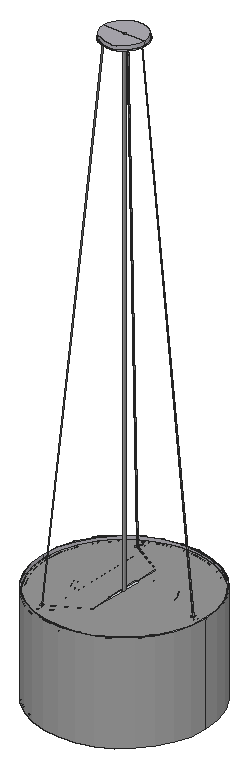
Revit family "Lighting - Lumetta - Pendant - P52314L2A", category Lighting Fixtures, host Ceiling, Revit 2015
Parameters
  Wattage = 11.1351 W
  built-in parameter 1150110 = 1 (stored number, unit not read)
  URL = "https://lumetta.com/luminaires/drum-l2-23-inch-acoustic-pendant-light/"
  Type Comments = "Drum L2 23'' Pendant"  # constant formula
  built-in parameter 1114217 = 1 (stored number, unit not read)
  Top Lens-Material [instance] = Acrylic - 2447 - White
  Top Lens [instance] = yes
  built-in parameter 1150109 = 1 (stored number, unit not read)
  built-in parameter 1150134 = (empty or 0)
  Suspension [instance] = 1
  built-in parameter 1150113 = 1 (stored number, unit not read)
  Stem Hung-ALL Lamping [instance] = Suspension = 2  # no
  Model URL [instance] = "https://lumetta.com/luminaires/drum-l2-23-inch-acoustic-pendant-light/"
  Light Source Symbol Size = 0' - 1"
  Diffuser Material-Inner [instance] = Shade - Lumetta - D702-AC-Kiwi
  Coupling-Stems Over 60 inches [instance] = and([Stem Hung-ALL Lamping], Fixture Drop > 5' 0")  # no
  Model = "P52314L2A"  # constant formula
  Manufacturer = "Lumetta, Inc."  # constant formula
  Lumens = 1236 lm
  built-in parameter 1150115 = 1 (stored number, unit not read)
  built-in parameter 1150105 = 98.358 (stored number, unit not read)
  built-in parameter 1150137 = (empty or 0)
  built-in parameter 1150139 = (empty or 0)
  built-in parameter 1150112 = 1 (stored number, unit not read)
  built-in parameter 1150114 = 1 (stored number, unit not read)
  built-in parameter 1150132 = 2
  built-in parameter 1150102 = (empty or 0)
  built-in parameter 1150138 = (empty or 0)
  built-in parameter 1150107 = 3000 (stored number, unit not read)
  built-in parameter 1150106 = 0.98358 (stored number, unit not read)
  Frame Finish [instance] = Paint - Lumetta - F02 - PC_Chrome
  Fixture Drop [instance] = 5' - 10"
  built-in parameter 1150104 = 10.312 (stored number, unit not read)
  Dimming Lamp Color Temperature Shift = (empty or 0)
  Diffuser Material-Outer [instance] = Shade - Lumetta - D50 - MM Chartreuse
  Description = "Drum Acoustic L2 23'' Pendant"  # constant formula
  Cord [instance] = Suspension = 1  # yes
  3 Cables [instance] = Suspension = 1  # yes
  1CRD-3CBL-ALL Lamping [instance] = Suspension = 1  # yes
  Cord Color [instance] = Cord, Black
  Color Filter = 16777215
  built-in parameter 1114218 = 1 (stored number, unit not read)
  built-in parameter 1150133 = 10 (stored number, unit not read)
Reference planes (in)
  plane 1 "Light Source Axis (F/B)": y = 0
  plane 2 "Ceiling": z = 96
  plane 3 "Light Source Axis (L/R)": x = 0
  plane 4 "Light Source Elevation": z = 23.5
  plane 5 "Fixture-Top": z = 26
  plane 6 "Fixture-Radius": x = 11.5
  plane 7 "Fixture-Height": z = 12
  plane 8: through (0, 0, 0) normal (-0.5, -0.866, 0)
  plane 9: y = 0
  plane 10: through (0, 0, 0) normal (0.5, -0.866, 0)
  plane 11 "Plane-120": through (-5.75, 9.95929, 0) normal (0.5, -0.866, 0)
  plane 12 "Plane-240": through (-68.10383, 26.04071, 0) normal (0.5, 0.866, 0)
  plane 13: through (0, 0, 0) normal (-0.866, -0.5, 0)
  plane 14: through (0, 0, 0) normal (0.866, -0.5, 0)
Forms (in)
  Revolve 1, solid, material "Paint - Lumetta - F02 - PC_Chrome" <- "Frame Finish", visible <- "1CRD-3CBL-ALL Lamping"
    sketch origin (0, 0, 0) x (1, 0, 0) y (0, 0, 1)
      loop
        line (0, 96) -> (0, 95.4375) -> (3, 95.4375) -> (3, 95.5) -> (2.87509, 95.5) -> (2.87509, 96) -> (0, 96)
      axis (0, 96) -> (0, 95.4375)
    angle from 0 to 360
  Extrusion 2, void
    sketch origin (0, 0, 95.4375) x (0, -1, 0) y (1, 0, 0)
      loop
        circle (0, 0) r 0.25
      loop
        circle (0, 2.5) r 0.06274
      loop
        circle (-2.16506, -1.25) r 0.06274
      loop
        circle (2.16506, -1.25) r 0.06274
    from 0 to 0.06358
  Revolve 3, solid, material "Paint - Lumetta - F02 - PC_Chrome" <- "Frame Finish"
    sketch origin (0, 0, 0) x (1, 0, 0) y (0, 0, 1)
      loop
        line (11.5, 26) -> (11.43781, 26) -> (11.43781, 25.56373) -> (11.00031, 25.56373) -> (11.00031, 25.50123) -> (11.5, 25.50123) -> (11.5, 26)
      loop
        line (11.5, 12.50004) -> (11.43781, 12.50004) -> (11.43781, 12.06378) -> (11.00031, 12.06378) -> (11.00031, 12) -> (11.5, 12) -> (11.5, 12.50004)
      axis (0, 26) -> (0, 12)
    angle from 0 to 360
  Revolve 4, solid, material "Shade - Lumetta - D50 - MM Chartreuse" <- "Diffuser Material-Outer"
    sketch origin (0, 0, 0) x (1, 0, 0) y (0, 0, 1)
      loop
        line (11.5, 26) -> (11.5, 12) -> (11.53125, 12) -> (11.53125, 26) -> (11.5, 26)
      axis (0, 26) -> (0, 12)
    angle from 0 to 360
  Extrusion 5, solid, material "Paint - Lumetta - F02 - PC_Chrome" <- "Frame Finish", visible <- "Stem Hung-ALL Lamping"
    sketch origin (0, 0, 26) x (0, -1, 0) y (-1, 0, 0)
      loop
        circle (0, 0) r 0.25
    from 0.56254 to -70
  Revolve 6, solid, material "Paint - Lumetta - F02 - PC_Chrome" <- "Frame Finish", visible <- "Coupling-Stems Over 60 inches"
    sketch origin (0, 0, 0) x (1, 0, 0) y (0, 0, 1)
      loop
        line (0, 86.53023) -> (0, 86) -> (0.26233, 86)
        arc (0.26233, 86) -> (0.31307, 86.05074) -> (0.26233, 86.10149) r 0.05074
        arc (0.26233, 86.10149) -> (0.29304, 86.26499) -> (0.26243, 86.42851) r 0.45126
        arc (0.26243, 86.42851) -> (0.31329, 86.47937) -> (0.26243, 86.53023) r 0.05086
        line (0.26243, 86.53023) -> (0, 86.53023)
      axis (0, 86.53023) -> (0, 86)
    angle from 0 to 360
  Revolve 7, solid, material "Paint - Lumetta - F02 - PC_Chrome" <- "Frame Finish", visible <- "Stem Hung-ALL Lamping"
    sketch origin (0, 0, 0) x (1, 0, 0) y (0, 0, 1)
      loop
        line (0, 96) -> (0, 93.40625) -> (0.34988, 93.40625)
        arc (0.34988, 93.40625) -> (0.49124, 93.54417) -> (0.58115, 93.72) r 0.61026
        line (0.58115, 93.72) -> (3, 93.72) -> (3, 93.78) -> (2.875, 93.78) -> (2.875, 96) -> (0, 96)
      axis (0, 96) -> (0, 93.40625)
    angle from 0 to 360
  Extrusion 8, solid, material "Cord, Black" <- "Cord Color", visible <- "1CRD-3CBL-ALL Lamping"
    sketch origin (0, 0, 26) x (0, -1, 0) y (1, 0, 0)
      loop
        circle (0, 0) r 0.15674
    from -0.56254 to 70
  Extrusion 9, solid
    sketch origin (0, 0, 26) x (0, -1, 0) y (1, 0, 0)
      loop
        line (-0.5, 10.98559) -> (-0.5, 10.25) -> (0.5, 10.25) -> (0.5, 10.98559)
        arc (0.5, 10.98559) -> (0, 10.99696) -> (-0.5, 10.98559) r 10.99696
      loop
        circle (0, 10.5) r 0.11051
      loop
        arc (-9.7667, -5.06146) -> (-9.52654, -5.50015) -> (-9.2667, -5.92748) r 11.00031
        line (-9.2667, -5.92748) -> (-8.62676, -5.55801) -> (-9.12676, -4.69199) -> (-9.7667, -5.06146)
      loop
        circle (-9.09327, -5.25) r 0.10826
      loop
        arc (9.2638, -5.92581) -> (9.52365, -5.49848) -> (9.7638, -5.05978) r 10.99696
        line (9.7638, -5.05978) -> (9.12676, -4.69199) -> (8.62676, -5.55801) -> (9.2638, -5.92581)
      loop
        circle (9.09327, -5.25) r 0.10826
    from -0.43627 to -0.49877
  Extrusion 10, solid
    sketch origin (0, 0, 26) x (0, -1, 0) y (1, 0, 0)
      loop
        circle (0, 10.5) r 0.11051
      loop
        line (-0.76833, 10.73292) -> (-0.76833, 9.96921) -> (-9.05442, -4.38271) -> (-9.66082, -4.73282) -> (-8.91082, -6.03185) -> (-8.24943, -5.65) -> (8.32275, -5.65) -> (8.92915, -6.0001) -> (9.67915, -4.70107) -> (9.01776, -4.31921) -> (0.73167, 10.03271) -> (0.73167, 10.73292) -> (-0.76833, 10.73292)
      loop
        circle (0, 9.75) r 0.15796
      loop
        circle (-9.09327, -5.25) r 0.11051
      loop
        circle (-8.44375, -4.875) r 0.15796
      loop
        circle (9.09327, -5.25) r 0.11051
      loop
        circle (8.44375, -4.875) r 0.15796
      loop
        arc (6.48437, -3.9625) -> (6.67381, -3.85313) -> (6.67381, -3.63438) r 0.21875
        line (6.67381, -3.63438) -> (0.18944, 7.59687)
        arc (0.18944, 7.59687) -> (0, 7.70625) -> (-0.18944, 7.59687) r 0.21875
        line (-0.18944, 7.59687) -> (-6.67381, -3.63438)
        arc (-6.67381, -3.63438) -> (-6.67381, -3.85313) -> (-6.48437, -3.9625) r 0.21875
        line (-6.48437, -3.9625) -> (6.48437, -3.9625)
    from -0.5625 to -0.49877
  Sweep 11, solid, material "Steel, Galvanized", visible <- "1CRD-3CBL-ALL Lamping"
    path origin (0, 0, 0) x (1, 0, 0) y (0, 0, 1)
      loop
        line (2.5, 95.50108) -> (9.75, 25.50123)
    profile origin (6.125, 0, 60.50116) x (0.994679, 0, 0.103021) y (0, -1, 0)
      loop
        circle (0, 0) r 0.03083
  Sweep 12, solid, material "Steel, Galvanized", visible <- "1CRD-3CBL-ALL Lamping"
    path origin (0, 0, 0) x (-0.5, 0.866025, 0) y (0, 0, 1)
      loop
        line (2.5, 95.50108) -> (9.75, 25.50123)
    profile origin (-3.0625, 5.30441, 60.50116) x (-0.49734, 0.861417, 0.103021) y (0.866025, 0.5, 0)
      loop
        circle (0, 0) r 0.03083
  Sweep 13, solid, material "Steel, Galvanized", visible <- "1CRD-3CBL-ALL Lamping"
    path origin (0, 0, 0) x (-0.5, -0.866025, 0) y (0, 0, 1)
      loop
        line (2.5, 95.50108) -> (9.75, 25.50123)
    profile origin (-3.0625, -5.30441, 60.50116) x (-0.49734, -0.861417, 0.103021) y (-0.866025, 0.5, 0)
      loop
        circle (0, 0) r 0.03083
  Extrusion 14, solid
    sketch origin (0, 0, 26) x (0, -1, 0) y (1, 0, 0)
      loop
        line (-5.29719, -1.25) -> (5.29719, -1.25) -> (3.85381, 1.25) -> (-3.85381, 1.25) -> (-5.29719, -1.25)
      loop
        circle (0, 0) r 0.28281
    from -0.56254 to -0.49877
  Extrusion 15, solid, material "Acrylic - 2447 - White" <- "Top Lens-Material", visible <- "Top Lens"
    sketch origin (0, 0, 26) x (0, -1, 0) y (1, 0, 0)
      loop
        line (-2.50665, 0.05287) -> (-5.59142, 0.05287) -> (-8.30557, -4.64816)
        arc (-8.30557, -4.64816) -> (-8.63313, -5.06123) -> (-8.21462, -4.74064) r 0.26561
        line (-8.21462, -4.74064) -> (-5.51925, -0.07213) -> (-2.50665, -0.07213)
        arc (-2.50665, -0.07213) -> (-2.4132, -0.21734) -> (-2.25, -0.27378) r 0.26415
        line (-2.25, -0.27378) -> (2.25, -0.27378)
        arc (2.25, -0.27378) -> (2.41692, -0.21436) -> (2.50874, -0.06284) r 0.26415
        line (2.50874, -0.06284) -> (5.51389, -0.06284) -> (8.2155, -4.74217)
        arc (8.2155, -4.74217) -> (8.63236, -5.05984) -> (8.30633, -4.64949) r 0.26408
        line (8.30633, -4.64949) -> (5.58567, 0.06284) -> (2.50402, 0.06284)
        arc (2.50402, 0.06284) -> (2.40911, 0.20123) -> (2.25, 0.25453) r 0.26415
        line (2.25, 0.25453) -> (-2.25, 0.25453)
        arc (-2.25, 0.25453) -> (-2.4132, 0.19808) -> (-2.50665, 0.05287) r 0.26415
      loop
        circle (0, 9.75) r 0.26626
      loop
        circle (0, 0) r 11.34375
    from -0.43627 to -0.375
  Revolve 16, solid, material "Paint - Lumetta - F02 - PC_Chrome" <- "Frame Finish", visible <- "1CRD-3CBL-ALL Lamping"
    sketch origin (0, 0, 0) x (1, 0, 0) y (0, 0, 1)
      loop
        line (0, 95.4375) -> (0, 95.3765) -> (0.37481, 95.3765) -> (0.37481, 95.4375) -> (0, 95.4375)
      axis (0, 95.4375) -> (0, 95.3765)
    angle from 0 to 360
  Revolve 17, solid, material "Shade - Lumetta - D702-AC-Kiwi" <- "Diffuser Material-Inner"
    sketch origin (0, 0, 0) x (1, 0, 0) y (0, 0, 1)
      loop
        line (11.43781, 12.06378) -> (11.43781, 25.50123) -> (11.31281, 25.50123) -> (11.31281, 12.06378) -> (11.43781, 12.06378)
      axis (0, 25.50123) -> (0, 12.06378)
    angle from 0 to 360
  Extrusion 18, solid, material "Acrylic - 2447 - White"
    sketch origin (0, 0, 26) x (0, -1, 0) y (1, 0, 0)
      loop
        circle (0, 0) r 6
      loop
        arc (-1.375, -5.32535) -> (-0.94381, -5.23651) -> (-0.75, -4.84123) r 0.5
        line (-0.75, -4.84123) -> (-0.75, -4.0625)
        arc (-0.75, -4.0625) -> (-0.73169, -4.01831) -> (-0.6875, -4) r 0.0625
        line (-0.6875, -4) -> (0.6875, -4)
        arc (0.6875, -4) -> (0.73169, -4.01831) -> (0.75, -4.0625) r 0.0625
        line (0.75, -4.0625) -> (0.75, -4.84123)
        arc (0.75, -4.84123) -> (0.94381, -5.23651) -> (1.375, -5.32535) r 0.5
        arc (1.375, -5.32535) -> (5.5, 0) -> (1.375, 5.32535) r 5.5
        arc (1.375, 5.32535) -> (0.94381, 5.23651) -> (0.75, 4.84123) r 0.5
        line (0.75, 4.84123) -> (0.75, 4.0625)
        arc (0.75, 4.0625) -> (0.73169, 4.01831) -> (0.6875, 4) r 0.0625
        line (0.6875, 4) -> (-0.6875, 4)
        arc (-0.6875, 4) -> (-0.73169, 4.01831) -> (-0.75, 4.0625) r 0.0625
        line (-0.75, 4.0625) -> (-0.75, 4.84123)
        arc (-0.75, 4.84123) -> (-0.94381, 5.23651) -> (-1.375, 5.32535) r 0.5
        arc (-1.375, 5.32535) -> (-5.5, 0) -> (-1.375, -5.32535) r 5.5
      loop
        circle (0, -4.42962) r 0.106
      loop
        circle (0, 4.42962) r 0.106
    from -0.68777 to -0.55153
  Extrusion 19, solid, material "Acrylic - 2447 - White"
    sketch origin (0, 0, 26) x (0, -1, 0) y (1, 0, 0)
      loop
        circle (0, 0) r 6
    from -10.56124 to -10.43979
  Revolve 20, solid, material "Shade - Lumetta - D61 - MT_White"
    sketch origin (0, 0, 0) x (1, 0, 0) y (0, 0, 1)
      loop
        line (6.0001, 25.44847) -> (6.0001, 15.43876) -> (6.03095, 15.43876) -> (6.03095, 25.44847) -> (6.0001, 25.44847)
      axis (0, 15.43876) -> (0, 25.44847)
    angle from 0 to 360
Dimensions and locks (in)
  equal spacing: host sketch curve, plane 3 "Light Source Axis (L/R)", host sketch curve
  equal spacing: host sketch curve, plane 1 "Light Source Axis (F/B)", host sketch curve
  host sketch curve to host sketch curve = 10' - 0"  (x2)
  "Fixture Drop": plane 2 "Ceiling" to plane 5 "Fixture-Top"
  locked: plane 5 "Fixture-Top" to plane 4 "Light Source Elevation" at 2.5
  locked: plane 6 "Fixture-Radius" to plane 3 "Light Source Axis (L/R)" at 11.5
  locked: plane 5 "Fixture-Top" to plane 7 "Fixture-Height" at 14
  locked: Extrusion 2 sketch curve to Extrusion 2 sketch curve at 2.5
  locked: plane 6 "Fixture-Radius" to Revolve 3 sketch curve at 0.06219  (x2)
  locked: Revolve 4 sketch curve to plane 6 "Fixture-Radius" at 0.03125
  locked: Revolve 3 to Revolve 4 at 0.06378
  locked: Extrusion 5 sketch curve to imposter light
  locked: Extrusion 5 sketch curve to imposter light at 0
  Revolve 6 sketch curve to Revolve 6 sketch curve = 0' - 0.15822"
  locked: Revolve 6 sketch curve to Revolve 4 at 60
  locked: Revolve 6 sketch curve to Revolve 6 sketch curve at 0.53023
  locked: Revolve 6 sketch curve to Revolve 6 sketch curve at 0.26243
  locked: Revolve 6 sketch curve to Revolve 6 sketch curve at 0.26233
  locked: Revolve 6 sketch curve to Revolve 6 sketch curve at 0.05074
  locked: Revolve 6 sketch curve to Revolve 6 sketch curve at 0.47937
  locked: Revolve 6 sketch curve to Revolve 6 sketch curve at 0.26512
  locked: Revolve 7 sketch curve to Revolve 7 sketch curve at 2.875
  locked: Revolve 7 sketch curve to Revolve 7 sketch curve at 0.31375
  locked: plane 5 "Fixture-Top" to Revolve 3 sketch curve at 0.49877
  locked: Revolve 3 sketch curve to Revolve 3 sketch curve at 0.0625
  locked: Revolve 3 sketch curve to plane 7 "Fixture-Height" at 0.50004
  locked: plane 6 "Fixture-Radius" to Revolve 3 sketch curve at 0.49969
  locked: Revolve 1 sketch curve to Revolve 1 sketch curve at 0.0625
  locked: host ceiling to Revolve 1 sketch curve at 0.5625
  locked: Revolve 1 sketch curve to Revolve 1 sketch curve at 0.5625
  Revolve 1 sketch curve to Revolve 1 sketch curve = 0' - 2.87509"
  equal spacing: Extrusion 9 sketch curve, plane 1 "Light Source Axis (F/B)", Extrusion 9 sketch curve
  locked: Extrusion 9 sketch curve to plane 1 "Light Source Axis (F/B)" at 0.5
  locked: Extrusion 9 sketch curve to plane 6 "Fixture-Radius" at 1
  locked: Extrusion 9 sketch curve to plane 6 "Fixture-Radius" at 1.25
  locked: Extrusion 10 sketch curve to plane 6 "Fixture-Radius" at 1
  locked: Extrusion 10 sketch curve to plane 6 "Fixture-Radius" at 1.75
  locked: plane 10 to plane 11 "Plane-120" at 11.5
  locked: plane 12 "Plane-240" to plane 8 at 11.5
  locked: plane 11 "Plane-120" to Extrusion 9 sketch curve at 1.25
  locked: Extrusion 9 sketch curve to plane 11 "Plane-120" at 1
  locked: plane 12 "Plane-240" to Extrusion 9 sketch curve at 1.25
  locked: Extrusion 9 sketch curve to plane 12 "Plane-240" at 1
  locked: Extrusion 10 sketch curve to plane 11 "Plane-120" at 0.76708
  locked: Extrusion 10 sketch curve to plane 12 "Plane-240" at 0.76708
  locked: Extrusion 10 sketch curve to plane 6 "Fixture-Radius" at 0.76708
  locked: Extrusion 10 sketch curve to plane 12 "Plane-240" at 1
  locked: Extrusion 10 sketch curve to plane 12 "Plane-240" at 1.75
  locked: Extrusion 10 sketch curve to plane 11 "Plane-120" at 1
  locked: Extrusion 10 sketch curve to plane 11 "Plane-120" at 1.75
  equal spacing: Extrusion 9 sketch curve, plane 13, Extrusion 9 sketch curve, locked at 0.5 each
  equal spacing: Extrusion 9 sketch curve, plane 14, Extrusion 9 sketch curve
  locked: plane 10 to Extrusion 2 sketch curve at 2.5
  locked: Extrusion 2 sketch curve to plane 8 at 2.5
  locked: Extrusion 10 sketch curve to Extrusion 10 sketch curve at 1.6875  (x3)
  locked: Extrusion 10 sketch curve to Extrusion 10 sketch curve at 1.5  (x3)
  plane 3 "Light Source Axis (L/R)" to Extrusion 14 sketch curve = 0' - 1 1/4"
  Extrusion 14 sketch curve to plane 3 "Light Source Axis (L/R)" = 0' - 1 1/4"
  locked: Extrusion 14 sketch curve to Extrusion 10 at 1.6875  (x2)
  locked: Extrusion 15 sketch curve to plane 9 at 2.25
  locked: Extrusion 15 sketch curve to plane 3 "Light Source Axis (L/R)" at 0.07213
  locked: plane 3 "Light Source Axis (L/R)" to Extrusion 15 sketch curve at 0.05287
  locked: plane 3 "Light Source Axis (L/R)" to Extrusion 15 sketch curve at 0.06284
  locked: Extrusion 15 sketch curve to plane 3 "Light Source Axis (L/R)" at 0.06284
  locked: Extrusion 15 sketch curve to plane 3 "Light Source Axis (L/R)" at 0.00963  (x2)
  locked: Extrusion 15 sketch curve to plane 11 "Plane-120" at 1.75
  locked: Extrusion 15 sketch curve to plane 12 "Plane-240" at 1.75
  locked: Extrusion 15 sketch curve to plane 6 "Fixture-Radius" at 1.75
  locked: Extrusion 15 sketch curve to Extrusion 10 at 0.78125  (x2)
  locked: Extrusion 15 sketch curve to Extrusion 15 sketch curve at 0.125  (x2)
  Extrusion 15 to plane 3 "Light Source Axis (L/R)" = 0' - 0.07213"
  locked: plane 5 "Fixture-Top" to Extrusion 15 at 0.375
  locked: Revolve 1 sketch curve to Revolve 1 sketch curve at 3
  locked: Revolve 1 sketch curve to Revolve 1 sketch curve at 2.87509
  locked: Revolve 1 to Revolve 16 sketch curve at 0.061
  locked: plane 3 "Light Source Axis (L/R)" to Revolve 16 sketch curve at 0.37481
  locked: plane 5 "Fixture-Top" to Revolve 17 sketch curve at 0.49877
  locked: Revolve 17 sketch curve to plane 7 "Fixture-Height" at 0.06378
  locked: plane 6 "Fixture-Radius" to Revolve 17 sketch curve at 0.06219
  locked: Revolve 17 sketch curve to Revolve 17 sketch curve at 0.125
  locked: Extrusion 18 sketch curve to plane 3 "Light Source Axis (L/R)" at 4
  locked: plane 9 to Extrusion 18 sketch curve at 0.75  (x2)
  locked: Extrusion 18 sketch curve to plane 3 "Light Source Axis (L/R)" at 4.42962
  locked: plane 5 "Fixture-Top" to Extrusion 18 at 0.55153
  locked: Extrusion 18 to Extrusion 18 at 0.13624
  locked: Extrusion 18 to Extrusion 19 at 10.00971
  locked: Extrusion 19 to Extrusion 19 at 0.12145
  locked: Revolve 20 sketch curve to Extrusion 10 at 0.01097
  locked: Extrusion 19 to Revolve 20 sketch curve
  locked: Revolve 20 sketch curve to plane 3 "Light Source Axis (L/R)" at 6.03095
  locked: Revolve 20 sketch curve to Revolve 20 sketch curve at 0.03085
  locked: Extrusion 15 sketch curve to Extrusion 15 sketch curve (radius 0' - 11 11/32")
  diameter of Extrusion 18 sketch curve = 1' - 0"
  diameter of Extrusion 19 sketch curve = 1' - 0"
  aligned and locked: plane 3 "Light Source Axis (L/R)" to imposter light
  aligned and locked: plane 1 "Light Source Axis (F/B)" to imposter light
  aligned and locked: plane 4 "Light Source Elevation" to imposter light
  aligned and locked: Revolve 4 sketch curve to plane 3 "Light Source Axis (L/R)"
  aligned and locked: Revolve 6 sketch curve to Revolve 6 sketch curve  (x2)
  aligned and locked: host ceiling to Extrusion 5
  aligned and locked: Extrusion 9 to Revolve 3
  aligned and locked: Revolve 3 to Extrusion 9
  aligned and locked: Extrusion 10 to Extrusion 9
  aligned and locked: Extrusion 9 sketch curve to Revolve 3
  aligned and locked: host ceiling to Extrusion 8
  aligned and locked: Extrusion 14 to Extrusion 5
  aligned and locked: Revolve 3 to Extrusion 14
  aligned and locked: Extrusion 15 sketch curve to Extrusion 15 sketch curve  (x2)
  aligned and locked: Extrusion 15 to Revolve 3
  aligned and locked: plane 3 "Light Source Axis (L/R)" to Revolve 20 sketch curve
Automatic sketch dimensions
  Revolve 4 sketch curve to plane 6 "Fixture-Radius" = 0' - 0"
  Revolve 4 sketch curve to plane 7 "Fixture-Height" = 0' - 0"
  Revolve 4 sketch curve to plane 5 "Fixture-Top" = 0' - 0"
  plane 7 "Fixture-Height" to Revolve 4 sketch curve = 0' - 1 1/4"
  Revolve 4 sketch curve to plane 5 "Fixture-Top" = 0' - 2 1/4"
  Revolve 6 sketch curve to plane 3 "Light Source Axis (L/R)" = 0' - 0"
  Revolve 6 sketch curve to Revolve 6 sketch curve = 0' - 11.34317"
  Revolve 7 sketch curve to plane 3 "Light Source Axis (L/R)" = 0' - 0"  (x3)
  Revolve 7 sketch curve to plane 2 "Ceiling" = 0' - 0"
  plane 3 "Light Source Axis (L/R)" to Revolve 7 sketch curve = 0' - 0.34988"
  Revolve 7 sketch curve to Revolve 7 sketch curve = 0' - 0.23126"
  Revolve 7 sketch curve to Revolve 7 sketch curve = 0' - 0 1/8"
  Revolve 7 sketch curve to plane 2 "Ceiling" = 0' - 2 3/32"
  Revolve 7 sketch curve to Revolve 7 sketch curve = 0' - 0.06"
  plane 2 "Ceiling" to Revolve 7 sketch curve = 0' - 1 3/4"
  Revolve 7 sketch curve to Revolve 7 sketch curve = 0' - 2 1/2"
  plane 1 "Light Source Axis (F/B)" to Extrusion 8 sketch curve = 0' - 0"
  Extrusion 8 sketch curve to plane 3 "Light Source Axis (L/R)" = 0' - 0"
  Revolve 3 sketch curve to plane 3 "Light Source Axis (L/R)" = 0' - 0"
  Revolve 3 sketch curve to plane 7 "Fixture-Height" = 0' - 0"
  Revolve 3 sketch curve to plane 5 "Fixture-Top" = 0' - 0"
  Revolve 3 sketch curve to plane 6 "Fixture-Radius" = 0' - 0"  (x2)
  Revolve 3 sketch curve to level = 0' - 10"
  Revolve 3 sketch curve to plane 2 "Ceiling" = 0' - 1"
  Revolve 3 sketch curve to Revolve 3 sketch curve = 0' - 0 7/16"
  Revolve 3 sketch curve to Revolve 3 sketch curve = 0' - 0.06378"
  Extrusion 9 sketch curve to Extrusion 9 sketch curve = 0' - 0"  (x2)
  plane 1 "Light Source Axis (F/B)" to Extrusion 9 sketch curve = 0' - 0"  (x2)
  Extrusion 9 sketch curve to Extrusion 9 sketch curve = 0' - 0.03349"  (x2)
  Extrusion 9 sketch curve to Extrusion 9 sketch curve = 0' - 0.17053"
  Extrusion 9 sketch curve to plane 6 "Fixture-Radius" = 0' - 0.51441"
  Extrusion 9 sketch curve to plane 3 "Light Source Axis (L/R)" = 0' - 0"
  plane 14 to Extrusion 9 sketch curve = 0' - 0"
  plane 13 to Extrusion 9 sketch curve = 0' - 0"
  Extrusion 2 sketch curve to Revolve 1 = 0' - 0"
  Extrusion 2 sketch curve to Extrusion 2 sketch curve = 0' - 1 1/4"  (x2)
  Sweep 11 sketch curve to plane 2 "Ceiling" = 0' - 0.49892"
  plane 3 "Light Source Axis (L/R)" to Sweep 11 sketch curve = 0' - 2 1/2"
  plane 5 "Fixture-Top" to Sweep 11 sketch curve = 0' - 0.49877"
  Sweep 11 sketch curve to plane 6 "Fixture-Radius" = 0' - 1 3/4"
  Sweep 11 sketch curve to plane 1 "Light Source Axis (F/B)" = 0' - 0"
  Sweep 11 sketch curve to profile plane = 0' - 0"
  Sweep 12 sketch curve to plane 2 "Ceiling" = 0' - 0.49892"
  Sweep 12 sketch curve to plane 10 = 0' - 2 1/2"
  plane 5 "Fixture-Top" to Sweep 12 sketch curve = 0' - 0.49877"
  plane 11 "Plane-120" to Sweep 12 sketch curve = 0' - 1 3/4"
  Sweep 12 sketch curve to profile plane = 0' - 0"
  profile plane to Sweep 12 sketch curve = 0' - 0"
  Sweep 13 sketch curve to plane 2 "Ceiling" = 0' - 0.49892"
  plane 8 to Sweep 13 sketch curve = 0' - 2 1/2"
  plane 5 "Fixture-Top" to Sweep 13 sketch curve = 0' - 0.49877"
  plane 12 "Plane-240" to Sweep 13 sketch curve = 0' - 1 3/4"
  profile plane to Sweep 13 sketch curve = 0' - 0"  (x2)
  plane 13 to Extrusion 10 sketch curve = 0' - 0"  (x3)
  plane 1 "Light Source Axis (F/B)" to Extrusion 10 sketch curve = 0' - 0"  (x3)
  plane 14 to Extrusion 10 sketch curve = 0' - 0"  (x2)
  Extrusion 10 sketch curve to plane 14 = 0' - 0"
  Extrusion 10 sketch curve to Extrusion 10 sketch curve = 0' - 0.18245"
  Extrusion 10 sketch curve to plane 1 "Light Source Axis (F/B)" = 0' - 0.18944"
  plane 1 "Light Source Axis (F/B)" to Extrusion 10 sketch curve = 0' - 0.18944"
  plane 1 "Light Source Axis (F/B)" to Extrusion 10 sketch curve = 0' - 0.73167"
  Extrusion 10 sketch curve to Extrusion 10 sketch curve = 0' - 0.121"
  Extrusion 10 sketch curve to Extrusion 10 sketch curve = 0' - 0 7/64"
  Extrusion 10 sketch curve to Extrusion 10 sketch curve = 0' - 1.95938"
  Extrusion 10 sketch curve to Extrusion 10 sketch curve = 0' - 0 7/32"
  Extrusion 10 sketch curve to Extrusion 10 sketch curve = 0' - 0.18944"  (x2)
  Extrusion 10 sketch curve to Extrusion 10 sketch curve = 0' - 0.6064"
  Extrusion 10 sketch curve to Extrusion 10 sketch curve = 0' - 0.66139"
  plane 1 "Light Source Axis (F/B)" to Extrusion 14 sketch curve = 0' - 0"
  Extrusion 14 sketch curve to plane 3 "Light Source Axis (L/R)" = 0' - 0"
  plane 13 to Extrusion 15 sketch curve = 0' - 0"
  plane 1 "Light Source Axis (F/B)" to Extrusion 15 sketch curve = 0' - 0"  (x2)
  plane 14 to Extrusion 15 sketch curve = 0' - 0"
  Extrusion 15 sketch curve to plane 3 "Light Source Axis (L/R)" = 0' - 0"
  plane 1 "Light Source Axis (F/B)" to Extrusion 15 sketch curve = 0' - 2 1/4"
  Extrusion 15 sketch curve to Extrusion 15 sketch curve = 0' - 0.25665"
  Extrusion 15 sketch curve to Extrusion 15 sketch curve = 0' - 0.13436"
  Extrusion 15 sketch curve to Extrusion 15 sketch curve = 0' - 0.09083"
  Revolve 1 sketch curve to plane 3 "Light Source Axis (L/R)" = 0' - 0"  (x2)
  Revolve 1 sketch curve to plane 5 "Fixture-Top" = 0' - 1 1/4"
  Revolve 1 sketch curve to Revolve 1 sketch curve = 0' - 9 3/4"
  Revolve 16 sketch curve to plane 3 "Light Source Axis (L/R)" = 0' - 0"  (x2)
  Revolve 16 sketch curve to Revolve 16 sketch curve = 0' - 0.061"
  Revolve 16 sketch curve to Revolve 16 sketch curve = 0' - 0.82606"
  Revolve 16 sketch curve to plane 2 "Ceiling" = 0' - 0 1/4"
  Revolve 17 sketch curve to plane 3 "Light Source Axis (L/R)" = 0' - 0"
  Revolve 17 sketch curve to plane 7 "Fixture-Height" = 0' - 2.50123"
  plane 4 "Light Source Elevation" to Revolve 17 sketch curve = 0' - 0.99877"
  Extrusion 18 sketch curve to Extrusion 18 sketch curve = 0' - 0"  (x4)
  plane 1 "Light Source Axis (F/B)" to Extrusion 18 sketch curve = 0' - 0"  (x3)
  Extrusion 18 sketch curve to plane 3 "Light Source Axis (L/R)" = 0' - 0"
  Extrusion 18 sketch curve to Extrusion 18 sketch curve = 0' - 0 1/2"  (x4)
  Extrusion 18 sketch curve to Extrusion 18 sketch curve = 0' - 0 1/16"  (x4)
  plane 1 "Light Source Axis (F/B)" to Extrusion 18 sketch curve = 0' - 0 11/16"
  Extrusion 18 sketch curve to Extrusion 18 sketch curve = 0' - 0.77873"  (x4)
  Extrusion 18 sketch curve to Extrusion 18 sketch curve = 0' - 0.36712"
  Extrusion 18 sketch curve to Extrusion 18 sketch curve = 0' - 0 1/8"  (x2)
  Extrusion 18 sketch curve to plane 1 "Light Source Axis (F/B)" = 0' - 1 3/8"
  plane 1 "Light Source Axis (F/B)" to Extrusion 18 sketch curve = 0' - 1 3/8"
  plane 1 "Light Source Axis (F/B)" to Extrusion 19 sketch curve = 0' - 0"
  Extrusion 19 sketch curve to plane 3 "Light Source Axis (L/R)" = 0' - 0"
  plane 4 "Light Source Elevation" to Revolve 20 sketch curve = 0' - 4.06124"
  Revolve 20 sketch curve to Revolve 20 sketch curve = 0' - 2"
  radius of Extrusion 5 sketch curve = 0' - 0 1/4"
  radius of Extrusion 8 sketch curve = 0' - 0.15674"
  radius of Extrusion 9 sketch curve = 0' - 0.11051"
  radius of Extrusion 9 sketch curve = 0' - 0.10826"  (x2)
  radius of Extrusion 2 sketch curve = 0' - 0.06274"  (x3)
  radius of Sweep 11 sketch curve = 0' - 0.03083"
  radius of Sweep 12 sketch curve = 0' - 0.03083"
  radius of Sweep 13 sketch curve = 0' - 0.03083"
  radius of Extrusion 10 sketch curve = 0' - 0.11051"  (x3)
  radius of Extrusion 10 sketch curve = 0' - 0.15796"  (x3)
  radius of Extrusion 14 sketch curve = 0' - 0.28281"
  radius of Extrusion 15 sketch curve = 0' - 0.26626"
  radius of Extrusion 2 sketch curve to Revolve 1 = 0' - 2 3/4"
  radius of Extrusion 18 sketch curve = 0' - 0.106"  (x2)
